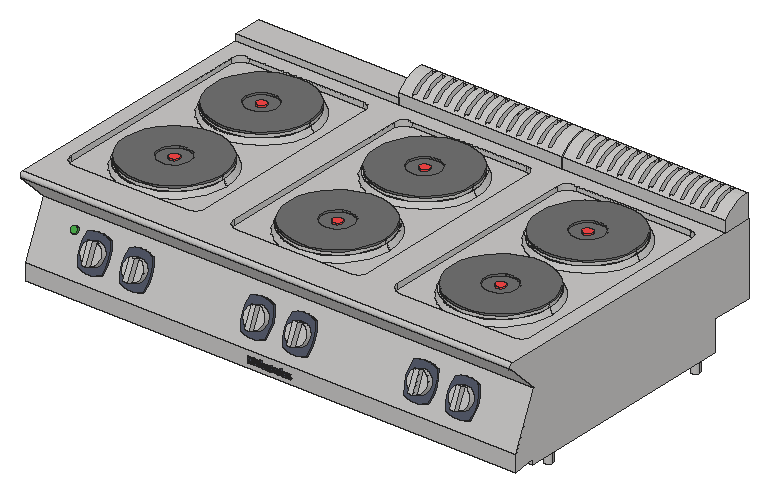
Revit family "QF_ELECTROLUXPROFESSIONAL_371019_E7ECEL6R00", category Specialty Equipment, Revit 2018 (continued)
Automatic sketch dimensions
  Extrusion 29 sketch curve to Extrusion 29 sketch curve = 1.142 mm
  Extrusion 29 sketch curve to Extrusion 29 sketch curve = 0.959 mm
  Extrusion 29 sketch curve to Extrusion 29 sketch curve = 0.176 mm
  Extrusion 29 sketch curve to Extrusion 29 sketch curve = 0.728 mm
  Extrusion 29 sketch curve to Extrusion 29 sketch curve = 3.375 mm  (x2)
  Extrusion 29 sketch curve to Extrusion 29 sketch curve = 0.541 mm
  Extrusion 29 sketch curve to Extrusion 29 sketch curve = 0.955 mm
  Extrusion 29 sketch curve to Extrusion 29 sketch curve = 1.251 mm
  Extrusion 29 sketch curve to Extrusion 29 sketch curve = 0.572 mm
  Extrusion 29 sketch curve to Extrusion 29 sketch curve = 1.92 mm
  Extrusion 29 sketch curve to Extrusion 29 sketch curve = 1.224 mm
  Extrusion 29 sketch curve to Extrusion 29 sketch curve = 0.745 mm
  Extrusion 29 sketch curve to Extrusion 29 sketch curve = 2.537 mm
  Extrusion 29 sketch curve to Extrusion 29 sketch curve = 0.896 mm  (x3)
  Extrusion 29 sketch curve to Extrusion 29 sketch curve = 0.036 mm
  Extrusion 29 sketch curve to Extrusion 29 sketch curve = 2.607 mm
  Extrusion 29 sketch curve to Extrusion 29 sketch curve = 0.066 mm
  Extrusion 29 sketch curve to Extrusion 29 sketch curve = 0.248 mm
  Extrusion 29 sketch curve to Extrusion 29 sketch curve = 0.449 mm
  Extrusion 29 sketch curve to Extrusion 29 sketch curve = 1.052 mm
  Extrusion 29 sketch curve to Extrusion 29 sketch curve = 1.863 mm
  Extrusion 29 sketch curve to Extrusion 29 sketch curve = 1.31 mm  (x2)
  Extrusion 29 sketch curve to Extrusion 29 sketch curve = 0.901 mm
  Extrusion 29 sketch curve to Extrusion 29 sketch curve = 1.107 mm
  Extrusion 29 sketch curve to Extrusion 29 sketch curve = 2.122 mm
  Extrusion 29 sketch curve to Extrusion 29 sketch curve = 2.101 mm
  Extrusion 29 sketch curve to Extrusion 29 sketch curve = 0.106 mm
  Extrusion 29 sketch curve to Extrusion 29 sketch curve = 0.029 mm
  Extrusion 29 sketch curve to Extrusion 29 sketch curve = 2.09 mm
  Extrusion 29 sketch curve to Extrusion 29 sketch curve = 1.279 mm
  Extrusion 29 sketch curve to Extrusion 29 sketch curve = 2.008 mm
  Extrusion 29 sketch curve to Extrusion 29 sketch curve = 0.738 mm
  Extrusion 29 sketch curve to Extrusion 29 sketch curve = 0.382 mm
  Extrusion 29 sketch curve to Extrusion 29 sketch curve = 0.384 mm
  Extrusion 29 sketch curve to Extrusion 29 sketch curve = 0.002 mm
  Extrusion 29 sketch curve to Extrusion 29 sketch curve = 0.561 mm
  Extrusion 29 sketch curve to Extrusion 29 sketch curve = 0.592 mm
  Extrusion 29 sketch curve to Extrusion 29 sketch curve = 2.692 mm
  Extrusion 29 sketch curve to Extrusion 29 sketch curve = 1.259 mm
  Extrusion 29 sketch curve to Extrusion 29 sketch curve = 0.802 mm
  Extrusion 29 sketch curve to Extrusion 29 sketch curve = 1.024 mm  (x2)
  Extrusion 29 sketch curve to Extrusion 29 sketch curve = 0.682 mm
  Extrusion 29 sketch curve to Extrusion 29 sketch curve = 5.934 mm
  Extrusion 29 sketch curve to Extrusion 29 sketch curve = 2.186 mm
  Extrusion 29 sketch curve to Extrusion 29 sketch curve = 0.337 mm
  Extrusion 29 sketch curve to Extrusion 29 sketch curve = 0.021 mm
  Extrusion 29 sketch curve to Extrusion 29 sketch curve = 1.005 mm
  Extrusion 29 sketch curve to Extrusion 29 sketch curve = 0.552 mm
  Extrusion 29 sketch curve to Extrusion 29 sketch curve = 0.778 mm
  Extrusion 29 sketch curve to Extrusion 29 sketch curve = 0.063 mm
  Extrusion 29 sketch curve to Extrusion 29 sketch curve = 1.023 mm
  Extrusion 29 sketch curve to Extrusion 29 sketch curve = 3.804 mm
  Extrusion 29 sketch curve to Extrusion 29 sketch curve = 0.486 mm
  Extrusion 29 sketch curve to Extrusion 29 sketch curve = 0.266 mm
  Extrusion 29 sketch curve to Extrusion 29 sketch curve = 1.547 mm
  Extrusion 29 sketch curve to Extrusion 29 sketch curve = 0.717 mm  (x2)
  Extrusion 29 sketch curve to Extrusion 29 sketch curve = 1.667 mm
  Extrusion 29 sketch curve to Extrusion 29 sketch curve = 3.174 mm
  Extrusion 29 sketch curve to Extrusion 29 sketch curve = 0.388 mm
  Extrusion 29 sketch curve to Extrusion 29 sketch curve = 1.342 mm
  Extrusion 29 sketch curve to Extrusion 29 sketch curve = 1.521 mm
  Extrusion 29 sketch curve to Extrusion 29 sketch curve = 0.124 mm
  Extrusion 29 sketch curve to Extrusion 29 sketch curve = 0.291 mm
  Extrusion 29 sketch curve to Extrusion 29 sketch curve = 1.049 mm  (x2)
  Extrusion 29 sketch curve to Extrusion 29 sketch curve = 1.7 mm
  Extrusion 29 sketch curve to Extrusion 29 sketch curve = 0.894 mm
  Extrusion 29 sketch curve to Extrusion 29 sketch curve = 0.989 mm
  Extrusion 29 sketch curve to Extrusion 29 sketch curve = 1.168 mm
  Extrusion 29 sketch curve to Extrusion 29 sketch curve = 1.594 mm
  Extrusion 29 sketch curve to Extrusion 29 sketch curve = 0.731 mm
  Extrusion 29 sketch curve to Extrusion 29 sketch curve = 1.566 mm
  Extrusion 29 sketch curve to Extrusion 29 sketch curve = 0.064 mm
  Extrusion 29 sketch curve to Extrusion 29 sketch curve = 0.556 mm  (x2)
  Extrusion 29 sketch curve to Extrusion 29 sketch curve = 0.48 mm
  Extrusion 29 sketch curve to Extrusion 29 sketch curve = 1.018 mm
  Extrusion 29 sketch curve to Extrusion 29 sketch curve = 0.787 mm
  Extrusion 29 sketch curve to Extrusion 29 sketch curve = 0.618 mm
  Extrusion 29 sketch curve to Extrusion 29 sketch curve = 1.672 mm
  Extrusion 29 sketch curve to Extrusion 29 sketch curve = 1.361 mm
  Extrusion 29 sketch curve to Extrusion 29 sketch curve = 0.822 mm
  Extrusion 29 sketch curve to Extrusion 29 sketch curve = 0.069 mm
  Extrusion 29 sketch curve to Extrusion 29 sketch curve = 1.88 mm
  Extrusion 29 sketch curve to Extrusion 29 sketch curve = 0.42 mm
  Extrusion 29 sketch curve to Extrusion 29 sketch curve = 0.062 mm
  Extrusion 29 sketch curve to Extrusion 29 sketch curve = 1.355 mm
  Extrusion 29 sketch curve to Extrusion 29 sketch curve = 2.34 mm
  Extrusion 29 sketch curve to Extrusion 29 sketch curve = 0.493 mm
  Extrusion 29 sketch curve to Extrusion 29 sketch curve = 0.136 mm
  Extrusion 29 sketch curve to Extrusion 29 sketch curve = 0.128 mm
  Extrusion 29 sketch curve to Extrusion 29 sketch curve = 3.616 mm
  Extrusion 29 sketch curve to Extrusion 29 sketch curve = 4.207 mm
  Extrusion 29 sketch curve to Extrusion 29 sketch curve = 0.183 mm
  Extrusion 29 sketch curve to Extrusion 29 sketch curve = 0.895 mm
  Extrusion 29 sketch curve to Extrusion 29 sketch curve = 1.314 mm
  Extrusion 29 sketch curve to Extrusion 29 sketch curve = 3.231 mm
  Extrusion 29 sketch curve to Extrusion 29 sketch curve = 1.299 mm
  Extrusion 29 sketch curve to Extrusion 29 sketch curve = 1.214 mm
  Extrusion 29 sketch curve to Extrusion 29 sketch curve = 1.264 mm
  Extrusion 29 sketch curve to Extrusion 29 sketch curve = 0.109 mm
  Extrusion 29 sketch curve to Extrusion 29 sketch curve = 0.357 mm
  Extrusion 29 sketch curve to Extrusion 29 sketch curve = 0.565 mm
  Extrusion 29 sketch curve to Extrusion 29 sketch curve = 2.504 mm
  Extrusion 29 sketch curve to Extrusion 29 sketch curve = 2.459 mm
  plane 7 "Center Y" to Extrusion 29 sketch curve = 51.302 mm
  Extrusion 29 sketch curve to Extrusion 29 sketch curve = 0.208 mm
  Extrusion 29 sketch curve to Extrusion 29 sketch curve = 0.468 mm  (x2)
  Extrusion 29 sketch curve to Extrusion 29 sketch curve = 1.559 mm
  Extrusion 29 sketch curve to Extrusion 29 sketch curve = 0.422 mm  (x2)
  Extrusion 29 sketch curve to Extrusion 29 sketch curve = 0.494 mm
  Extrusion 29 sketch curve to Extrusion 29 sketch curve = 3.927 mm
  Extrusion 29 sketch curve to Extrusion 29 sketch curve = 0.782 mm
  Extrusion 29 sketch curve to Extrusion 29 sketch curve = 1.268 mm
  Extrusion 29 sketch curve to Extrusion 29 sketch curve = 0.671 mm
  Extrusion 29 sketch curve to Extrusion 29 sketch curve = 0.777 mm
  Extrusion 29 sketch curve to Extrusion 29 sketch curve = 0.704 mm
  Extrusion 29 sketch curve to Extrusion 29 sketch curve = 0.781 mm  (x2)
  Extrusion 29 sketch curve to Extrusion 29 sketch curve = 1.634 mm
  Extrusion 29 sketch curve to Extrusion 29 sketch curve = 0.132 mm
  Extrusion 29 sketch curve to Extrusion 29 sketch curve = 3.136 mm
  Extrusion 29 sketch curve to Extrusion 29 sketch curve = 2.422 mm
  Extrusion 29 sketch curve to Extrusion 29 sketch curve = 0.586 mm
  Extrusion 29 sketch curve to Extrusion 29 sketch curve = 2.046 mm  (x2)
  Extrusion 29 sketch curve to Extrusion 29 sketch curve = 1.241 mm
  Extrusion 29 sketch curve to Extrusion 29 sketch curve = 1.689 mm
  Extrusion 29 sketch curve to Extrusion 29 sketch curve = 2.859 mm
  Extrusion 29 sketch curve to Extrusion 29 sketch curve = 0.627 mm
  Extrusion 29 sketch curve to Extrusion 29 sketch curve = 0.863 mm
  Extrusion 29 sketch curve to Extrusion 29 sketch curve = 0.419 mm
  Extrusion 29 sketch curve to Extrusion 29 sketch curve = 1.514 mm
  Extrusion 29 sketch curve to Extrusion 29 sketch curve = 1.019 mm
  Extrusion 29 sketch curve to Extrusion 29 sketch curve = 0.065 mm
  Extrusion 29 sketch curve to Extrusion 29 sketch curve = 1.215 mm
  Extrusion 29 sketch curve to Extrusion 29 sketch curve = 2.708 mm
  Extrusion 29 sketch curve to Extrusion 29 sketch curve = 1.122 mm
  Extrusion 29 sketch curve to Extrusion 29 sketch curve = 1.153 mm
  Extrusion 29 sketch curve to Extrusion 29 sketch curve = 3.009 mm
  Extrusion 29 sketch curve to Extrusion 29 sketch curve = 0.829 mm  (x2)
  Extrusion 29 sketch curve to Extrusion 29 sketch curve = 0.934 mm
  Extrusion 29 sketch curve to Extrusion 29 sketch curve = 3.376 mm
  Extrusion 29 sketch curve to Extrusion 29 sketch curve = 0.222 mm
  Extrusion 29 sketch curve to Extrusion 29 sketch curve = 1.383 mm
  Extrusion 29 sketch curve to Extrusion 29 sketch curve = 1.556 mm
  Extrusion 29 sketch curve to Extrusion 29 sketch curve = 2.559 mm
  Extrusion 29 sketch curve to Extrusion 29 sketch curve = 2.51 mm
  Extrusion 29 sketch curve to Extrusion 29 sketch curve = 0.131 mm
  Extrusion 29 sketch curve to Extrusion 29 sketch curve = 1.717 mm
  Extrusion 29 sketch curve to Extrusion 29 sketch curve = 1.134 mm
  Extrusion 29 sketch curve to Extrusion 29 sketch curve = 0.366 mm
  Extrusion 29 sketch curve to Extrusion 29 sketch curve = 0.094 mm
  Extrusion 29 sketch curve to Extrusion 29 sketch curve = 1.584 mm
  Extrusion 29 sketch curve to Extrusion 29 sketch curve = 1.501 mm
  Extrusion 29 sketch curve to Extrusion 29 sketch curve = 0.27 mm
  Extrusion 29 sketch curve to Extrusion 29 sketch curve = 1.808 mm
  Extrusion 29 sketch curve to Extrusion 29 sketch curve = 0.643 mm
  Extrusion 29 sketch curve to Extrusion 29 sketch curve = 0.916 mm
  Extrusion 29 sketch curve to Extrusion 29 sketch curve = 0.352 mm
  Extrusion 29 sketch curve to Extrusion 29 sketch curve = 0.458 mm
  Extrusion 29 sketch curve to Extrusion 29 sketch curve = 1.282 mm
  Extrusion 29 sketch curve to Extrusion 29 sketch curve = 1.363 mm
  Extrusion 29 sketch curve to Extrusion 29 sketch curve = 0.685 mm
  Extrusion 29 sketch curve to Extrusion 29 sketch curve = 0.905 mm
  Extrusion 29 sketch curve to Extrusion 29 sketch curve = 2.865 mm
  Extrusion 29 sketch curve to Extrusion 29 sketch curve = 0.472 mm
  Extrusion 29 sketch curve to Extrusion 29 sketch curve = 0.101 mm
  Extrusion 29 sketch curve to Extrusion 29 sketch curve = 0.54 mm
  Extrusion 29 sketch curve to Extrusion 29 sketch curve = 0.02 mm
  Extrusion 29 sketch curve to Extrusion 29 sketch curve = 0.582 mm
  Extrusion 29 sketch curve to Extrusion 29 sketch curve = 0.166 mm
  Extrusion 29 sketch curve to Extrusion 29 sketch curve = 0.16 mm
  Extrusion 29 sketch curve to Extrusion 29 sketch curve = 2.781 mm
  Extrusion 29 sketch curve to Extrusion 29 sketch curve = 1.118 mm
  Extrusion 29 sketch curve to Extrusion 29 sketch curve = 0.613 mm
  Extrusion 29 sketch curve to Extrusion 29 sketch curve = 0.361 mm
  Extrusion 29 sketch curve to Extrusion 29 sketch curve = 0.897 mm
  Extrusion 29 sketch curve to Extrusion 29 sketch curve = 0.167 mm
  Extrusion 29 sketch curve to Extrusion 29 sketch curve = 0.292 mm
  Extrusion 29 sketch curve to Extrusion 29 sketch curve = 0.305 mm
  Extrusion 29 sketch curve to Extrusion 29 sketch curve = 1.557 mm
  Extrusion 29 sketch curve to Extrusion 29 sketch curve = 2.499 mm
  Extrusion 29 sketch curve to Extrusion 29 sketch curve = 3.062 mm
  Extrusion 29 sketch curve to Extrusion 29 sketch curve = 2.968 mm
  Extrusion 29 sketch curve to Extrusion 29 sketch curve = 5.044 mm
  Extrusion 29 sketch curve to Extrusion 29 sketch curve = 0.629 mm  (x2)
  Extrusion 29 sketch curve to Extrusion 29 sketch curve = 1.131 mm
  Extrusion 29 sketch curve to Extrusion 29 sketch curve = 0.137 mm
  Extrusion 29 sketch curve to Extrusion 29 sketch curve = 0.027 mm
  Extrusion 29 sketch curve to Extrusion 29 sketch curve = 2.235 mm
  Extrusion 1 to Extrusion 30 sketch curve = 0 mm
  Extrusion 30 sketch curve to Extrusion 1 = 0 mm
  Extrusion 1 to Extrusion 30 sketch curve = 69.85 mm
  Extrusion 1 to Extrusion 30 sketch curve = 400.1 mm
  plane 5 "FRONT" to curve 3 = 0 mm
  curve 7 to plane 4 "RIGHT" = 0 mm
  plane 1 "BACK" to curve 5 = 0 mm
  curve 7 to plane 3 "LEFT" = 0 mm
  plane 5 "FRONT" to curve 1 = 0 mm
  plane 5 "FRONT" to curve 6 = 0 mm
  plane 4 "RIGHT" to curve 3 = 150.019 mm
  curve 1 to plane 3 "LEFT" = 150.019 mm
  curve 1 to plane 1 "BACK" = 150.019 mm
  curve 4 to curve 7 = 69.85 mm
  radius of Extrusion 2 sketch curve = 9.525 mm  (x4)
  radius of Extrusion 3 sketch curve = 12.7 mm
  radius of Extrusion 6 sketch curve = 25.4 mm
  radius of Extrusion 7 sketch curve to Extrusion 6 = 0 mm  (x2)
  radius of Extrusion 12 sketch curve = 25.4 mm
  radius of Extrusion 13 sketch curve to Extrusion 12 = 0 mm  (x2)
  radius of Extrusion 14 sketch curve = 8 mm
  radius of Extrusion 18 sketch curve = 25.4 mm
  radius of Extrusion 19 sketch curve to Extrusion 18 = 0 mm  (x2)
  radius of Extrusion 20 sketch curve = 25.4 mm
  radius of Extrusion 21 sketch curve to Extrusion 20 = 0 mm  (x2)
  radius of Extrusion 24 sketch curve = 25.4 mm
  radius of Extrusion 25 sketch curve to Extrusion 24 = 0 mm  (x2)
  radius of Extrusion 26 sketch curve = 25.4 mm
  radius of Extrusion 27 sketch curve to Extrusion 26 = 0 mm  (x2)
Nested families
  nested 1: "371019_QF_Electrolux_HOT PLATES" at (72.525, -113.898, 261.938), type "371019_QF_Electrolux_HOT PLATES"
    with Type Mark "", Specification by User "", Revision Code "", Item Number "", Installed By "", Identify Quantity as Lot yes, Furnished By "", Foodservice Equipment Identifier yes
  nested 2: "371019_QF_Electrolux_HOT PLATES" at (72.525, -635.872, 261.938), type "371019_QF_Electrolux_HOT PLATES"
    with Type Mark "", Specification by User "", Revision Code "", Item Number "", Installed By "", Identify Quantity as Lot yes, Furnished By "", Foodservice Equipment Identifier yes
  nested 3: "371019_QF_Electrolux_HOT PLATES" at (727.575, -113.898, 261.938) x (-1, 0, 0) z (0, 0, 1), type "371019_QF_Electrolux_HOT PLATES"
    with Type Mark "", Specification by User "", Revision Code "", Item Number "", Installed By "", Identify Quantity as Lot yes, Furnished By "", Foodservice Equipment Identifier yes
  nested 4: "371019_QF_Electrolux_HOT PLATES" at (727.575, -635.872, 261.938) x (-1, 0, 0) z (0, 0, 1), type "371019_QF_Electrolux_HOT PLATES"
    with Type Mark "", Specification by User "", Revision Code "", Item Number "", Installed By "", Identify Quantity as Lot yes, Furnished By "", Foodservice Equipment Identifier yes
  nested 5: "371019_QF_Electrolux_HOT PLATES" at (1127.675, -113.898, 261.938) x (-1, 0, 0) z (0, 0, 1), type "371019_QF_Electrolux_HOT PLATES"
    with Type Mark "", Specification by User "", Revision Code "", Item Number "", Installed By "", Identify Quantity as Lot yes, Furnished By "", Foodservice Equipment Identifier yes
  nested 6: "371019_QF_Electrolux_HOT PLATES" at (1127.675, -635.872, 261.938) x (-1, 0, 0) z (0, 0, 1), type "371019_QF_Electrolux_HOT PLATES"
    with Type Mark "", Specification by User "", Revision Code "", Item Number "", Installed By "", Identify Quantity as Lot yes, Furnished By "", Foodservice Equipment Identifier yes
Connectors
  electrical at (1147.813, -98.425, 60.325), driven by "Volts", driven by "Watts"
    settings: on Extrusion 3, index 1, voltage 400 V, apparent load 15600 VA, apparent load phase1 0 VA, apparent load phase2 0 VA, apparent load phase3 0 VA, power factor 1, load classification "Other", number of poles 1, system type 30, power factor state 1, is connector primary yes, connector utility no, sub classification motor no, connector description "Electrical Connection"
Definition of nested family "371019_QF_Electrolux_HOT PLATES"
  Parameters
    Width = 255 mm  # constant formula
    Weight in Pounds = 0
    URL Cutsheet = ""
    URL = ""
    Type Mark [instance] = ""
    Specification by User [instance] = ""
    Specification by Manufacturer = ""
    Serial Number = ""
    Seismic Rating = ""
    SMACNA No = ""
    Revision Code [instance] = ""
    Omniclass Number and Title = ""
    NAFEM Spec ID Number = ""
    Model = ""
    Masterspec = ""
    Manufacturer = ""
    Item Number [instance] = ""
    Installed By [instance] = ""
    Identify Quantity as Lot [instance] = yes
    Height = 23 mm  # constant formula
    Furnished By [instance] = ""
    Foodservice Equipment Identifier [instance] = yes
    Description = ""
    Depth = 255 mm  # constant formula
    CSI MasterFormat = ""
    CSI Master Format = ""
    Assembly Code = ""
  Reference planes
    plane 1 "BACK": y = 0
    plane 2: z = 0
    plane 3 "LEFT": x = 0
    plane 4 "RIGHT": x = 255
    plane 5 "FRONT": y = -255
    plane 6 "TOP": z = 23
    plane 7 "Center Y": x = 127.5
    plane 8 "Center X": y = -127.5
  Forms (mm)
    Extrusion 1, solid
      sketch origin (-72.525, 113.875, 19.181) x (1, 0, 0) y (0, 1, 0)
        loop
          circle (200.025, -241.375) r 117.925
        loop
          circle (200.025, -241.375) r 38.208
      from 0 to 3.819
    Extrusion 2, solid
      sketch origin (-72.525, 113.875, 19.181) x (1, 0, 0) y (0, 1, 0)
        loop
          circle (200.025, -241.375) r 11.669
      from 0 to 1.964
    Extrusion 3, solid
      sketch origin (-72.525, 113.875, 12.7) x (1, 0, 0) y (0, 1, 0)
        loop
          circle (200.025, -241.375) r 38.208
      from 0 to 6.481
    Blend 4, solid
      base sketch origin (-72.525, 113.875, 0) x (1, 0, 0) y (0, 1, 0)
        loop
          circle (200.025, -241.375) r 127.548
      top sketch origin (-72.525, 113.875, 0) x (1, 0, 0) y (0, 1, 0)
        loop
          circle (200.025, -241.375) r 120.402
      from 0 to 11.731
    Extrusion 5, solid
      sketch origin (-72.525, 113.875, 11.731) x (1, 0, 0) y (0, 1, 0)
        loop
          circle (200.025, -241.375) r 117.925
        loop
          circle (200.025, -241.375) r 39.808
      from 0 to 7.45
  Lines and regions (mm)
    symbolic lines
      curve 1: circle (127.5, -127.5, 0) r 11.669 normal (0, 0, 1)
      curve 2: circle (127.5, -127.5, 0) r 38.208 normal (0, 0, 1)
      curve 3: circle (127.5, -127.5, 0) r 120.402 normal (0, 0, 1)
      curve 4: circle (127.5, -127.5, 0) r 127.548 normal (0, 0, 1)
  Dimensions and locks
    equal spacing: plane 3 "LEFT", plane 7 "Center Y", plane 4 "RIGHT"
    "Width": plane 3 "LEFT" to plane 4 "RIGHT"
    equal spacing: plane 5 "FRONT", plane 8 "Center X", plane 1 "BACK"
    "Depth": plane 5 "FRONT" to plane 1 "BACK"
    plane 1 "BACK" to plane 5 "FRONT" = 255 mm
    "Height": plane 6 "TOP" to level
    aligned and locked: level to plane 2
  Automatic sketch dimensions
    Extrusion 3 sketch curve to plane 7 "Center Y" = 0 mm
    Extrusion 3 sketch curve to plane 8 "Center X" = 0 mm
    Blend 4 sketch curve to plane 7 "Center Y" = 0 mm  (x2)
    Blend 4 sketch curve to plane 8 "Center X" = 0 mm  (x2)
    curve 1 to curve 2 = 0 mm  (x2)
    curve 1 to curve 3 = 0 mm  (x2)
    curve 1 to curve 4 = 0 mm  (x2)
    curve 2 to curve 3 = 0 mm  (x2)
    curve 2 to curve 4 = 0 mm  (x2)
    curve 3 to curve 4 = 0 mm  (x2)
    curve 2 to plane 7 "Center Y" = 0 mm
    curve 2 to plane 8 "Center X" = 0 mm
    radius of Extrusion 1 sketch curve to Extrusion 5 = 0 mm
    radius of Extrusion 1 sketch curve to Extrusion 5 = 1.6 mm
    radius of Extrusion 2 sketch curve to Extrusion 3 = 26.539 mm
    radius of Extrusion 3 sketch curve = 38.208 mm
    radius of Blend 4 sketch curve = 127.548 mm
    radius of Blend 4 sketch curve = 120.402 mm
    radius of Extrusion 5 sketch curve to Blend 4 = 2.478 mm
    radius of Extrusion 5 sketch curve to Blend 4 = 80.594 mm
    radius of curve 1 = 11.669 mm
    radius of curve 2 = 38.208 mm
    radius of curve 3 = 120.402 mm
    radius of curve 4 = 127.548 mm
